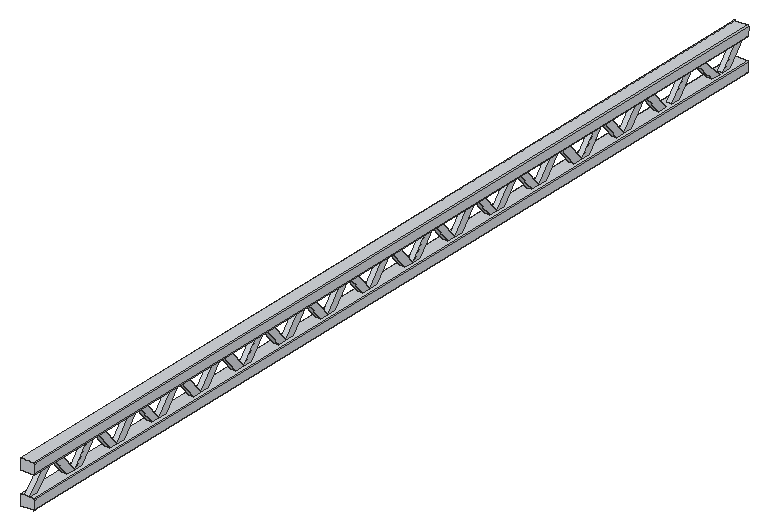
Revit family "SanCongTac-1", category Structural Framing, Revit 2019
Family settings
  Structural Framing Length Roundoff = 0 mm
  Section Shape = Not Defined
  Material for Model Behavior = Other
  Always export as geometry = No
  Work Plane-Based = No
  Always vertical = No
  Cut with Voids When Loaded = No
  Symbolic Representation = From Family
  Shared = No
  Show family pre-cut in plan views = Yes
Reference planes
  plane 1 "Center (Front/Back)": y = 0
  plane 2: z = 0
  plane 3 "Center (Left/Right)": x = 0
Forms (mm)
  Extrusion 1, solid
    sketch origin (-40, -2500, 2440) x (1, 0, 0) y (0, 0, -1)
      loop
        line (5, 0) -> (75, 0)
        arc (75, 0) -> (78.536, 1.464) -> (80, 5) r 5
        line (80, 5) -> (80, 55)
        arc (80, 55) -> (78.536, 58.536) -> (75, 60) r 5
        line (75, 60) -> (5, 60)
        arc (5, 60) -> (1.464, 58.536) -> (0, 55) r 5
        line (0, 55) -> (0, 5)
        arc (0, 5) -> (1.464, 1.464) -> (5, 0) r 5
    from 0 to 5000
  Extrusion 2, solid
    sketch origin (-40, -2500, 2560) x (1, 0, 0) y (0, 0, -1)
      loop
        arc (5, 0) -> (1.464, -1.464) -> (0, -5) r 5
        line (0, -5) -> (0, -55)
        arc (0, -55) -> (1.464, -58.536) -> (5, -60) r 5
        line (5, -60) -> (75, -60)
        arc (75, -60) -> (78.536, -58.536) -> (80, -55) r 5
        line (80, -55) -> (80, -5)
        arc (80, -5) -> (78.536, -1.464) -> (75, 0) r 5
        line (75, 0) -> (5, 0)
    from 0 to 5000
  Extrusion 3, solid
    sketch origin (0, -2500, 2500) x (0, 0, -1) y (0, 1, 0)
      loop
        line (60, 261) -> (60, 311) -> (-60, 213) -> (-60, 163) -> (60, 261)
    from -14 to 14
  Extrusion 4, solid
    sketch origin (0, -1878, 2500) x (0, 0, -1) y (0, 1, 0)
      loop
        line (60, -261) -> (-60, -163) -> (-60, -213) -> (60, -311) -> (60, -261)
    from -14 to 14
  Extrusion 5, solid
    sketch origin (0, -2204, 2500) x (0, 0, -1) y (0, 1, 0)
      loop
        line (60, 261) -> (60, 311) -> (-60, 213) -> (-60, 163) -> (60, 261)
    from -14 to 14
  Extrusion 6, solid
    sketch origin (0, -1908, 2500) x (0, 0, -1) y (0, 1, 0)
      loop
        line (60, 261) -> (60, 311) -> (-60, 213) -> (-60, 163) -> (60, 261)
    from -14 to 14
  Extrusion 7, solid
    sketch origin (0, -1612, 2500) x (0, 0, -1) y (0, 1, 0)
      loop
        line (60, 261) -> (60, 311) -> (-60, 213) -> (-60, 163) -> (60, 261)
    from -14 to 14
  Extrusion 8, solid
    sketch origin (0, -1316, 2500) x (0, 0, -1) y (0, 1, 0)
      loop
        line (60, 261) -> (60, 311) -> (-60, 213) -> (-60, 163) -> (60, 261)
    from -14 to 14
  Extrusion 9, solid
    sketch origin (0, -1020, 2500) x (0, 0, -1) y (0, 1, 0)
      loop
        line (60, 261) -> (60, 311) -> (-60, 213) -> (-60, 163) -> (60, 261)
    from -14 to 14
  Extrusion 10, solid
    sketch origin (0, -724, 2500) x (0, 0, -1) y (0, 1, 0)
      loop
        line (60, 261) -> (60, 311) -> (-60, 213) -> (-60, 163) -> (60, 261)
    from -14 to 14
  Extrusion 11, solid
    sketch origin (0, 2002, 2500) x (0, 0, -1) y (0, 1, 0)
      loop
        line (60, 278) -> (60, 328) -> (-60, 213) -> (-60, 163) -> (60, 278)
    from -14 to 14
  Extrusion 12, solid
    sketch origin (0, -1582, 2500) x (0, 0, -1) y (0, 1, 0)
      loop
        line (60, -261) -> (-60, -163) -> (-60, -213) -> (60, -311) -> (60, -261)
    from -14 to 14
  Extrusion 13, solid
    sketch origin (0, -1286, 2500) x (0, 0, -1) y (0, 1, 0)
      loop
        line (60, -261) -> (-60, -163) -> (-60, -213) -> (60, -311) -> (60, -261)
    from -14 to 14
  Extrusion 14, solid
    sketch origin (0, -990, 2500) x (0, 0, -1) y (0, 1, 0)
      loop
        line (60, -261) -> (-60, -163) -> (-60, -213) -> (60, -311) -> (60, -261)
    from -14 to 14
  Extrusion 15, solid
    sketch origin (0, -694, 2500) x (0, 0, -1) y (0, 1, 0)
      loop
        line (60, -261) -> (-60, -163) -> (-60, -213) -> (60, -311) -> (60, -261)
    from -14 to 14
  Extrusion 16, solid
    sketch origin (0, -398, 2500) x (0, 0, -1) y (0, 1, 0)
      loop
        line (60, -261) -> (-60, -163) -> (-60, -213) -> (60, -311) -> (60, -261)
    from -14 to 14
  Extrusion 17, solid
    sketch origin (0, -102, 2500) x (0, 0, -1) y (0, 1, 0)
      loop
        line (60, -261) -> (-60, -163) -> (-60, -213) -> (60, -311) -> (60, -261)
    from -14 to 14
  Extrusion 18, solid
    sketch origin (0, -2174, 2500) x (0, 0, -1) y (0, 1, 0)
      loop
        line (60, -326) -> (60, -276) -> (-60, -163) -> (-60, -213) -> (60, -326)
    from -14 to 14
  Extrusion 19, solid
    sketch origin (0, -428, 2500) x (0, 0, -1) y (0, 1, 0)
      loop
        line (60, 261) -> (60, 311) -> (-60, 213) -> (-60, 163) -> (60, 261)
    from -14 to 14
  Extrusion 20, solid
    sketch origin (0, 194, 2500) x (0, 0, -1) y (0, 1, 0)
      loop
        line (60, -261) -> (-60, -163) -> (-60, -213) -> (60, -311) -> (60, -261)
    from -14 to 14
  Extrusion 21, solid
    sketch origin (0, -132, 2500) x (0, 0, -1) y (0, 1, 0)
      loop
        line (60, 261) -> (60, 311) -> (-60, 213) -> (-60, 163) -> (60, 261)
    from -14 to 14
  Extrusion 22, solid
    sketch origin (0, 490, 2500) x (0, 0, -1) y (0, 1, 0)
      loop
        line (60, -261) -> (-60, -163) -> (-60, -213) -> (60, -311) -> (60, -261)
    from -14 to 14
  Extrusion 23, solid
    sketch origin (0, 164, 2500) x (0, 0, -1) y (0, 1, 0)
      loop
        line (60, 261) -> (60, 311) -> (-60, 213) -> (-60, 163) -> (60, 261)
    from -14 to 14
  Extrusion 24, solid
    sketch origin (0, 786, 2500) x (0, 0, -1) y (0, 1, 0)
      loop
        line (60, -261) -> (-60, -163) -> (-60, -213) -> (60, -311) -> (60, -261)
    from -14 to 14
  Extrusion 25, solid
    sketch origin (0, 460, 2500) x (0, 0, -1) y (0, 1, 0)
      loop
        line (60, 261) -> (60, 311) -> (-60, 213) -> (-60, 163) -> (60, 261)
    from -14 to 14
  Extrusion 26, solid
    sketch origin (0, 1082, 2500) x (0, 0, -1) y (0, 1, 0)
      loop
        line (60, -261) -> (-60, -163) -> (-60, -213) -> (60, -311) -> (60, -261)
    from -14 to 14
  Extrusion 27, solid
    sketch origin (0, 756, 2500) x (0, 0, -1) y (0, 1, 0)
      loop
        line (60, 261) -> (60, 311) -> (-60, 213) -> (-60, 163) -> (60, 261)
    from -14 to 14
  Extrusion 28, solid
    sketch origin (0, 1378, 2500) x (0, 0, -1) y (0, 1, 0)
      loop
        line (60, -261) -> (-60, -163) -> (-60, -213) -> (60, -311) -> (60, -261)
    from -14 to 14
  Extrusion 29, solid
    sketch origin (0, 1052, 2500) x (0, 0, -1) y (0, 1, 0)
      loop
        line (60, 261) -> (60, 311) -> (-60, 213) -> (-60, 163) -> (60, 261)
    from -14 to 14
  Extrusion 30, solid
    sketch origin (0, 1674, 2500) x (0, 0, -1) y (0, 1, 0)
      loop
        line (60, -261) -> (-60, -163) -> (-60, -213) -> (60, -311) -> (60, -261)
    from -14 to 14
  Extrusion 31, solid
    sketch origin (0, 1348, 2500) x (0, 0, -1) y (0, 1, 0)
      loop
        line (60, 261) -> (60, 311) -> (-60, 213) -> (-60, 163) -> (60, 261)
    from -14 to 14
  Extrusion 32, solid
    sketch origin (0, 1970, 2500) x (0, 0, -1) y (0, 1, 0)
      loop
        line (60, -261) -> (-60, -163) -> (-60, -213) -> (60, -311) -> (60, -261)
    from -14 to 14
  Extrusion 33, solid
    sketch origin (0, 1644, 2500) x (0, 0, -1) y (0, 1, 0)
      loop
        line (60, 261) -> (60, 311) -> (-60, 213) -> (-60, 163) -> (60, 261)
    from -14 to 14
  Extrusion 34, solid
    sketch origin (0, 2306, 2500) x (0, 0, -1) y (0, 1, 0)
      loop
        line (60, -261) -> (-60, -163) -> (-60, -213) -> (60, -311) -> (60, -261)
    from -14 to 14
  Extrusion 35, solid
    sketch origin (0, 2663, 2500) x (0, 0, -1) y (0, 1, 0)
      loop
        line (60, -261) -> (-60, -163) -> (-60, -213) -> (60, -311) -> (60, -261)
    from -14 to 14
Cuts and joins
  joined: Extrusion 1, Extrusion 2, Extrusion 3, Extrusion 4, Extrusion 5, Extrusion 6, Extrusion 7, Extrusion 8, Extrusion 9, Extrusion 10, Extrusion 11, Extrusion 12, Extrusion 13, Extrusion 14, Extrusion 15, Extrusion 16, Extrusion 17, Extrusion 18, Extrusion 19, Extrusion 20, Extrusion 21, Extrusion 22, Extrusion 23, Extrusion 24, Extrusion 25, Extrusion 26, Extrusion 27, Extrusion 28, Extrusion 29, Extrusion 30, Extrusion 31, Extrusion 32, Extrusion 33, Extrusion 34
Dimensions and locks
  aligned and locked: level to plane 2
